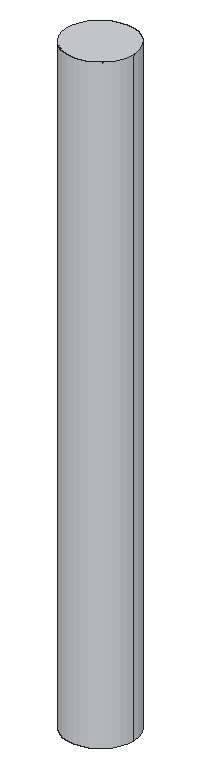
Revit family "Round (2)", category 난간동자, Revit 2026
Family settings
  항상 수직 = 예
  로드될 때 보이드를 사용하여 절단 = 아니오
  공유 = 아니오
Parameters (values of type "100mm")
  built-in parameter 1008623 [instance] = (empty or 0)
  built-in parameter 1008625 [instance] = (empty or 0)
  Radius = Width / 2  # 50 mm
  Post Material = none
  Width = 100 mm
  Post = yes
  built-in parameter 1008624 [instance] = (empty or 0)
  built-in parameter 1008622 [instance] = 915 mm
Types (5, lengths in mm): name | Radius | Width
  (no name) | 50 | 100
  30mm | 15 | 30
  60mm | 30 | 60
  100mm | 50 | 100
  150mm | 75 | 150
Reference planes
  plane 1 "Center (Front/Back)": y = 0
  plane 2: z = 0
  plane 3 "Center (Left/Right)": x = 0
  plane 4 "Top": z = 915
Forms (mm)
  Extrusion 1, solid, material <- "Post Material"
    sketch origin (0, 0, 0) x (1, 0, 0) y (0, 1, 0)
      loop
        circle (0, 0) r 50
    from 0 to 915
Dimensions and locks
  "built-in parameter 1008622": plane 2 to plane 4 "Top"
  "Radius": radius of Extrusion 1 sketch curve
  aligned and locked: Extrusion 1 to level
  aligned and locked: Extrusion 1 to plane 4 "Top"
Automatic sketch dimensions
  Extrusion 1 sketch curve to plane 1 "Center (Front/Back)" = 0 mm
  Extrusion 1 sketch curve to plane 3 "Center (Left/Right)" = 0 mm
